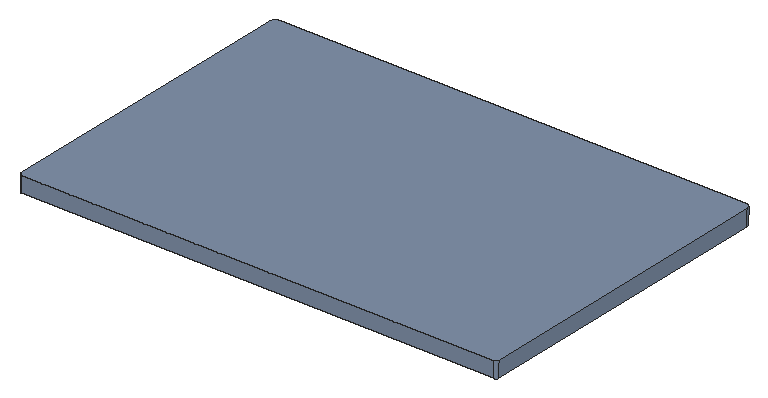
Revit family "Haworth_ComposeStorage_Cushion", category Furniture Systems, Revit 2018
Family settings
  Round Connector Dimension = Use Diameter
  Part Type = Normal
  OmniClass Number = 23.40.70.14.64.21
  OmniClass Title = Systems Furniture
  Work Plane-Based = No
  Always vertical = Yes
  Cut with Voids When Loaded = No
  Shared = No
  Room Calculation Point = No
Parameters (values of type "36w 24d")
  Width = 36"
  Warranty = "http://www.haworth.com/resources/product-info/warranties"
  URL - Product = "http://www.haworth.com/products/storage/cabinets-towers/compose"
  Sustainability Info = "http://media.haworth.com/asset/2999/Compose%20PEDS.pdf"
  Model = "BZSC"  # constant formula
  Description = "Haworth - Compose Storage Accessories Cushion"  # constant formula
  Depth = 24"
  URL = "www.haworth.com"
  Top Thickness = 1 3/16"  # constant formula
  Size = "Verify Final Dim. w/ Haworth"  # constant formula
  Revision Number = "5"  # constant formula
  Mounting Offset [instance] = 24"
  Standard Widths = "16, 30, 36 in."  # constant formula
  Standard Depths = "18, 24, 30 in."  # constant formula
  Min. Width = 16"  # constant formula
  Max. Width = 36"  # constant formula
  Min. Depth = 18"  # constant formula
  Max. Depth = 30"  # constant formula
  Manufacturer = "Haworth"  # constant formula
  Custom Size = not(and(or(Depth = 18", Depth = 24", Depth = 30"), or(Width = 16", Width = 30", Width = 36")))  # no
  Cushion Finish = Haworth _ Fabric _ Tellure _ Sky 3A-32
  Author = "SHAPE Environments, LLC"  # constant formula
  Assembly Code = "E2020200"
  Actual Width = if(Width > Max. Width, Max. Width, if(Width < Min. Width, Min. Width, Width))  # 36"
  Actual Depth = if(Depth > Max. Depth, Max. Depth, if(Depth < Min. Depth, Min. Depth, Depth))  # 24"
Types (7): name | Width | Depth | Actual Width | Actual Depth
  36w 24d | 36" | 24" | 36" | 24"
  36w 18d | 36" | 18" | 36" | 18"
  30w 18d | 30" | 18" | 30" | 18"
  30w 24d | 30" | 24" | 30" | 24"
  16w 18d | 16" | 18" | 16" | 18"
  16w 24d | 16" | 24" | 16" | 24"
  16w 30d | 16" | 30" | 16" | 30"
Reference planes (in)
  plane 1 "Storage Top Center F/B": y = 0
  plane 2: z = 0
  plane 3 "Storage Top Center L/R": x = 0
  plane 4 "Left": x = -18
  plane 5 "Back": y = 12
  plane 6 "Front": y = -12
  plane 7 "Right": x = 18
  plane 8 "Top": z = 25.1875
  plane 9 "Bottom": z = 24
Forms (in)
  Extrusion 1, solid, material "Haworth _ Fabric _ Tellure _ Sky 3A-32" <- "Cushion Finish"
    sketch origin (-36.03948, -180, 24) x (-1, 0, 0) y (0, -1, 0)
      loop
        arc (-18.53948, -192) -> (-18.18593, -191.85355) -> (-18.03948, -191.5) r 0.5
        line (-18.03948, -191.5) -> (-18.03948, -168.23279)
        arc (-18.03948, -168.23279) -> (-18.10767, -168.06818) -> (-18.27228, -168) r 0.23279
        line (-18.27228, -168) -> (-53.80669, -168)
        arc (-53.80669, -168) -> (-53.9713, -168.06818) -> (-54.03948, -168.23279) r 0.23279
        line (-54.03948, -168.23279) -> (-54.03948, -191.5)
        arc (-54.03948, -191.5) -> (-53.89304, -191.85355) -> (-53.53948, -192) r 0.5
        line (-53.53948, -192) -> (-18.53948, -192)
    from 0 to 1.1875
Lines and regions (in)
  Masking region 1
    outline origin (0, 0, 25.1875) x (-1, 0, 0) y (0, -1, 0)
      loop
        line (18, -11.5) -> (18, 11.5)
        arc (18, 11.5) -> (17.85355, 11.85355) -> (17.5, 12) r 0.5
        line (17.5, 12) -> (-17.5, 12)
        arc (-17.5, 12) -> (-17.85355, 11.85355) -> (-18, 11.5) r 0.5
        line (-18, 11.5) -> (-18, -11.5)
        arc (-18, -11.5) -> (-17.85355, -11.85355) -> (-17.5, -12) r 0.5
        line (-17.5, -12) -> (17.5, -12)
        arc (17.5, -12) -> (17.85355, -11.85355) -> (18, -11.5) r 0.5
Dimensions and locks (in)
  equal spacing: plane 5 "Back", plane 1 "Storage Top Center F/B", plane 6 "Front"
  "Actual Depth": plane 5 "Back" to plane 6 "Front"
  equal spacing: plane 4 "Left", plane 3 "Storage Top Center L/R", plane 7 "Right"
  "Actual Width": plane 4 "Left" to plane 7 "Right"
  "Mounting Offset": plane 9 "Bottom" to level
  "Top Thickness": plane 8 "Top" to plane 9 "Bottom"
  aligned and locked: plane 5 "Back" to Extrusion 1 sketch curve
  aligned and locked: plane 7 "Right" to Extrusion 1 sketch curve
  aligned and locked: plane 6 "Front" to Extrusion 1 sketch curve
  aligned and locked: plane 4 "Left" to Extrusion 1 sketch curve
  aligned and locked: plane 8 "Top" to Extrusion 1
  aligned and locked: Extrusion 1 to plane 5 "Back"
  aligned and locked: Extrusion 1 to plane 9 "Bottom"
  aligned and locked: Masking region 1 to plane 6 "Front"
Automatic sketch dimensions
  plane 7 "Right" to Extrusion 1 sketch curve = 0.23279"
  plane 7 "Right" to Extrusion 1 sketch curve = 1/2"
  plane 4 "Left" to Extrusion 1 sketch curve = 0.23279"
  plane 4 "Left" to Extrusion 1 sketch curve = 1/2"
  plane 7 "Right" to Masking region 1 sketch curve = 1/2"  (x2)
  plane 4 "Left" to Masking region 1 sketch curve = 1/2"  (x2)
  Masking region 1 sketch curve to plane 7 "Right" = 0"
  Masking region 1 sketch curve to plane 4 "Left" = 0"
  plane 5 "Back" to Masking region 1 sketch curve = 0"
  plane 6 "Front" to Masking region 1 sketch curve = 1/2"
